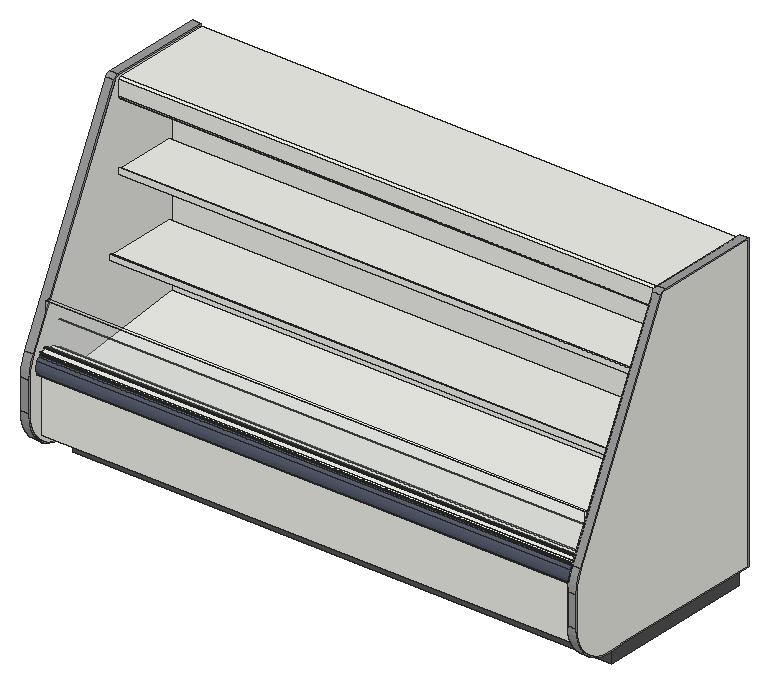
Revit family "C2NX-XLGE_2014", category Specialty Equipment, Revit 2014
Parameters (values of type "8'-0" Length")
  Width = 96 3/8"
  Waste Drain = 1 1/4"  # constant formula
  URL = "www.hussmann.com"
  Type Comments = "Excel"  # constant formula
  Trim = Stainless Steel
  Total Weight = Case Weight + (2 * End Weight)  # 1150.00 lbf
  Top Clearance = 3"  # constant formula
  Splashguard = Textured Sheet Metal (Steel Painted) - 701 Black
  Shelves = Sheet Metal (Steel Painted) - 700 Interior White
  Shelf Lights [instance] = yes
  Revit Family Date = "08/14/2015"  # constant formula
  Refrigeration Lines Suction = 7/8"  # constant formula
  Refrigeration Lines Liquid = 3/8"  # constant formula
  Refrig. Suction = "Suction"
  Refrig. Liquid = "Liquid"
  Number of Supports = if(Width < 50", 2, if(Width < 100", 3, 4))  # 3
  Number of Shelves = 2  # constant formula
  Note from Manufacturer = "This model only comes in 6'-0\", 8'-0\", 12'-0\" Lengths."
  Model URL = "http://www.hussmann.com/en/product%20viewer/display-cases/C2X-X"
  Model = "C2NX-XLGE"  # constant formula
  Manufacturer Disclaimer = "The information in this file is not intended to be an exact representation of the corresponding Hussmann product.  Further, we reserve the right to change or revise specifications and product design in connection with any feature of our products. Such changes do not entitle the buyer to corresponding changes, improvements, additions, or replacements for equipment previously sold or shipped."  # constant formula
  Manufacturer = "Hussmann Corporation"  # constant formula
  Height = 55 3/4"  # constant formula
  Glazing = Glass
  Ends = Textured Sheet Metal (Steel Painted) - 149 White Satin Matte
  End Weight = 75.00 lbf  # constant formula
  Description = "Extra Height, Low Profile Multi-Deck Convertible Merchandiser, Narrow Footprint, Low Front, Glass Front, Energy Efficient Coil"  # constant formula
  Depth = 37"  # constant formula
  Cutsheet URL = "http://www.hussmann.com/en/Technical%20Documents/0486795_J_C2NX-XLGE.pdf"
  Close Off Panel = Textured Sheet Metal (Steel Painted) - 701 Black
  Clearance [instance] = yes
  Case Weight = if(Width = 72 3/8", 800.00 lbf, if(Width = 96 3/8", 1000.00 lbf, if(Width = 144 1/2", 1200.00 lbf, 0.00 lbf)))  # 1000.00 lbf
  Case Interior - Side Panel = Sheet Metal (Steel Painted) - 700 Interior White
  Case Interior - Back Panel = Sheet Metal (Steel Painted) - 700 Interior White
  Case = Textured Sheet Metal (Steel Painted) - 149 White Satin Matte
  Bumper = Extruded PVC - 739 Royal Blue
  Back Clearance = 3"  # constant formula
  Assembly Code = ""
  Accessories/Options = ""
Types (4): name | Width | Total Weight | Number of Supports | Case Weight
  (no name) | 96 3/8" | 1150.00 lbf | 3 | 1000.00 lbf
  12'-0" Length | 144 1/2" | 1350.00 lbf | 4 | 1200.00 lbf
  6'-0" Length | 72 3/8" | 950.00 lbf | 3 | 800.00 lbf
  8'-0" Length | 96 3/8" | 1150.00 lbf | 3 | 1000.00 lbf
Reference planes (in)
  plane 1 "Back": y = 0
  plane 2 "Bottom": z = 0
  plane 3 "Top": z = 55.75
  plane 4 "Left": x = -77.30699
  plane 5 "Front": y = -37
  plane 6 "Center (Left/Right)": x = -29.11949
  plane 7: y = 3
  plane 8: x = -78.80699
  plane 9 "Right": x = 19.06801
  plane 10: x = 20.56801
  plane 11: z = 58.75
Forms (in)
  Extrusion 1, solid, material "Metal - Copper"
    sketch origin (63.0625, 1.04319, 0) x (1, 0, 0) y (0, 1, 0)
      loop
        arc (-56.11949, -27.16819) -> (-56.56143, -27.35125) -> (-56.74449, -27.79319) r 0.625
        arc (-56.74449, -27.79319) -> (-56.56143, -28.23513) -> (-56.11949, -28.41819) r 0.625
        arc (-56.11949, -28.41819) -> (-55.67754, -28.23513) -> (-55.49449, -27.79319) r 0.625
        arc (-55.49449, -27.79319) -> (-55.67754, -27.35125) -> (-56.11949, -27.16819) r 0.625
      loop
        circle (-56.11949, -27.79319) r 0.5852
    from 6.42413 to 0
  Extrusion 2, solid, material "Metal - Copper"
    sketch origin (57.40105, 5, -0.375) x (1, 0, 0) y (0, 1, 0)
      loop
        circle (-46.77054, -26.25) r 0.41359
      loop
        circle (-46.77054, -26.25) r 0.4375
    from 4.26162 to 0.375
  Extrusion 3, solid, material "Metal - Copper"
    sketch origin (59.82608, 5, -0.375) x (1, 0, 0) y (0, 1, 0)
      loop
        circle (-48.57057, -26.25) r 0.17188
      loop
        circle (-48.57057, -26.25) r 0.1875
    from 4.26162 to 0.375
  Extrusion 4, solid, material "Metal - Copper"
    sketch origin (-56.6875, 1.04319, 0) x (1, 0, 0) y (0, 1, 0)
      loop
        arc (-8.49449, -27.16819) -> (-8.93643, -27.35125) -> (-9.11949, -27.79319) r 0.625
        arc (-9.11949, -27.79319) -> (-8.93643, -28.23513) -> (-8.49449, -28.41819) r 0.625
        arc (-8.49449, -28.41819) -> (-8.05254, -28.23513) -> (-7.86949, -27.79319) r 0.625
        arc (-7.86949, -27.79319) -> (-8.05254, -27.35125) -> (-8.49449, -27.16819) r 0.625
      loop
        circle (-8.49449, -27.79319) r 0.5852
    from 6.42413 to 0
  Extrusion 5, solid, material "Textured Sheet Metal (Steel Painted) - 149 White Satin Matte" <- "Case"
    sketch origin (-77.30699, 0, 0) x (0, 1, 0) y (0, 0, 1)
      loop
        line (-6.44416, 53.49799) -> (-6.44416, 15.61398) -> (-20.55754, 13.98212) -> (-20.55754, 11.4717)
        spline (-20.55754, 11.4717) -> (-20.56181, 11.40724) -> (-20.57457, 11.34388) -> (-20.59557, 11.28272) -> (-20.62448, 11.22478) -> (-20.66079, 11.17108) -> (-20.70389, 11.12251) -> (-20.75303, 11.07992) -> (-20.80737, 11.04403) -> (-20.86599, 11.01546) -> (-20.92788, 10.9947) -> (-20.99199, 10.9821) -> (-21.0572, 10.97787)
        line (-21.0572, 10.97787) -> (-23.55696, 10.97787)
        spline (-23.55696, 10.97787) -> (-23.62222, 10.98217) -> (-23.68637, 10.99501) -> (-23.7483, 11.01615) -> (-23.80695, 11.04525) -> (-23.86133, 11.08179) -> (-23.9105, 11.12516) -> (-23.95363, 11.17462) -> (-23.98996, 11.22931) -> (-24.01889, 11.2883) -> (-24.03991, 11.35059) -> (-24.05267, 11.41511) -> (-24.05695, 11.48075)
        line (-24.05695, 11.48075) -> (-24.05695, 13.57752) -> (-33.528, 12.48244) -> (-33.528, 12.9145) -> (-34.528, 12.9145) -> (-34.528, 16.24217) -> (-33.68425, 16.24217) -> (-33.68425, 16.67967) -> (-31.82, 16.67967) -> (-31.82, 18.43138) -> (-33.17641, 19.21451) -> (-33.909, 19.21451) -> (-33.909, 17.43977) -> (-34.509, 17.43977) -> (-34.509, 19.5601)
        arc (-34.509, 19.5601) -> (-34.59344, 19.57182) -> (-34.67832, 19.57981) r 1.93575
        arc (-34.67832, 19.57981) -> (-34.69105, 19.56963) -> (-34.68188, 19.55615) r 0.012
        line (-34.68188, 19.55615) -> (-34.639, 19.54626)
        arc (-34.639, 19.54626) -> (-34.62978, 19.53319) -> (-34.64174, 19.52257) r 0.012
        line (-34.64174, 19.52257) -> (-34.91871, 19.52345)
        arc (-34.91871, 19.52345) -> (-34.9307, 19.51225) -> (-34.92026, 19.49959) r 0.01198
        line (-34.92026, 19.49959) -> (-34.87659, 19.49402)
        arc (-34.87659, 19.49402) -> (-34.86613, 19.48266) -> (-34.87551, 19.4704) r 0.012
        line (-34.87551, 19.4704) -> (-35.82834, 19.25899)
        arc (-35.82834, 19.25899) -> (-35.84204, 19.26613) -> (-35.83735, 19.28085) r 0.012
        line (-35.83735, 19.28085) -> (-35.80014, 19.30437)
        arc (-35.80014, 19.30437) -> (-35.79633, 19.32075) -> (-35.81265, 19.32479) r 0.01198
        arc (-35.81265, 19.32479) -> (-35.91518, 19.25933) -> (-36.01326, 19.18739) r 1.88204
        arc (-36.01326, 19.18739) -> (-36.033, 19.16293) -> (-36.04005, 19.13231) r 0.07
        line (-36.04005, 19.13231) -> (-36.04005, 18.99682)
        arc (-36.04005, 18.99682) -> (-36.01432, 18.9426) -> (-35.95605, 18.92823) r 0.07
        line (-35.95605, 18.92823) -> (-35.95605, 18.82121) -> (-35.64, 18.82121) -> (-35.64, 5.88809) -> (-34.95314, 5.88809)
        arc (-34.95314, 5.88809) -> (-34.91157, 5.91209) -> (-34.91157, 5.96009) r 0.048
        line (-34.91157, 5.96009) -> (-35.0575, 6.21285) -> (-35.08608, 6.19635) -> (-34.94015, 5.94359)
        arc (-34.94015, 5.94359) -> (-34.94015, 5.92859) -> (-34.95314, 5.92109) r 0.015
        line (-34.95314, 5.92109) -> (-35.265, 5.92109) -> (-35.265, 9.36895) -> (-28.66044, 5.867) -> (-6.88924, 5.867) -> (0, 9.5199) -> (0, 55.75) -> (-18.06615, 55.75) -> (-18.43188, 55.38427) -> (-18.43188, 52.64171) -> (-17.85021, 51.94851)
        arc (-17.85021, 51.94851) -> (-17.81763, 51.93154) -> (-17.78259, 51.94259) r 0.048
        line (-17.78259, 51.94259) -> (-17.32188, 52.32917) -> (-17.32188, 52.87299) -> (-16.24687, 52.87299) -> (-16.24687, 53.49799) -> (-6.44416, 53.49799)
    from 0 to 96.375 <- "Width"
  Extrusion 6, solid, material "Sheet Metal (Steel Painted) - 700 Interior White" <- "Shelves"
    sketch origin (-77.30699, 0, 0) x (0, 1, 0) y (0, 0, 1)
      loop
        line (-6.54775, 16.43003) -> (-31.64807, 13.48573) -> (-31.56756, 12.79944) -> (-6.46725, 15.74373) -> (-6.54775, 16.43003)
    from 0 to 96.375 <- "Width"
  Extrusion 7, solid, material "Textured Sheet Metal (Steel Painted) - 701 Black" <- "Splashguard"
    sketch origin (-77.30699, 0, 0) x (0, 1, 0) y (0, 0, 1)
      loop
        line (-28.00007, 0.47056) -> (-28.00007, 5.867) -> (-28.50007, 5.867) -> (-28.50007, 0) -> (-27.81499, 0)
        arc (-27.81499, 0) -> (-27.77169, 0.025) -> (-27.77169, 0.075) r 0.05
        line (-27.77169, 0.075) -> (-28.00007, 0.47056)
    from 0 to 96.375 <- "Width"
  Extrusion 8, solid, material "Extruded PVC - 739 Royal Blue" <- "Bumper"
    sketch origin (-77.30699, 0, 0) x (0, 1, 0) y (0, 0, 1)
      loop
        arc (-35.95605, 18.82121) -> (-36.12515, 18.78935) -> (-36.28727, 18.73166) r 1.10652
        arc (-36.28727, 18.73166) -> (-36.57306, 18.53745) -> (-36.77374, 18.25616) r 0.98053
        arc (-36.77374, 18.25616) -> (-37.00015, 17.24976) -> (-36.77374, 16.24335) r 2.35
        arc (-36.77374, 16.24335) -> (-36.57306, 15.96206) -> (-36.28727, 15.76786) r 0.98053
        line (-36.28727, 15.76786) -> (-36.09351, 15.68084)
        arc (-36.09351, 15.68084) -> (-35.98843, 15.66814) -> (-35.89472, 15.71735) r 0.178
        line (-35.89472, 15.71735) -> (-35.64, 15.97207) -> (-35.64, 18.82121) -> (-35.95605, 18.82121)
    from 0 to 96.375 <- "Width"
  Extrusion 9, solid, material "Textured Sheet Metal (Steel Painted) - 149 White Satin Matte" <- "Ends"
    sketch origin (-77.30699, 0, 0) x (0, 1, 0) y (0, 0, 1)
      loop
        line (-19.23556, 55.52607) -> (-37.18963, 19.54354)
        arc (-37.18963, 19.54354) -> (-37.98219, 17.76344) -> (-38.25337, 15.83384) r 7.0005
        line (-38.25337, 15.83384) -> (-38.25337, 10.44265)
        arc (-38.25337, 10.44265) -> (-36.20297, 5.49255) -> (-31.25287, 3.44215) r 7.0005
        line (-31.25287, 3.44215) -> (-28.25287, 3.44215) -> (-28.25287, 3.57965) -> (-0.02187, 3.57965) -> (-0.02187, 3.62965) -> (0.02813, 3.62965) -> (0.02813, 55.99615) -> (-18.38751, 55.99615)
        arc (-18.38751, 55.99615) -> (-18.87232, 55.87077) -> (-19.23556, 55.52607) r 1
    from -1.5 to 0
  Extrusion 10, solid, material "Textured Sheet Metal (Steel Painted) - 149 White Satin Matte" <- "Ends"
    sketch origin (68.69301, 0, 0) x (0, 1, 0) y (0, 0, 1)
      loop
        line (-19.07442, 55.72289) -> (-37.18963, 19.54354)
        arc (-37.18963, 19.54354) -> (-37.98219, 17.76344) -> (-38.25337, 15.83384) r 7.0005
        line (-38.25337, 15.83384) -> (-38.25337, 10.44265)
        arc (-38.25337, 10.44265) -> (-36.20297, 5.49255) -> (-31.25287, 3.44215) r 7.0005
        line (-31.25287, 3.44215) -> (-28.25287, 3.44215) -> (-28.25287, 3.57965) -> (-0.02187, 3.57965) -> (-0.02187, 3.62965) -> (0.02813, 3.62965) -> (0.02813, 55.99615) -> (-18.38751, 55.99615)
        arc (-18.38751, 55.99615) -> (-18.75714, 55.92533) -> (-19.07442, 55.72289) r 1
    from -49.625 to -48.125
  Extrusion 11, solid, material "Sheet Metal (Steel Painted) - 700 Interior White" <- "Case Interior - Side Panel"
    sketch origin (-77.30699, 0, 0) x (0, 1, 0) y (0, 0, 1)
      loop
        line (-19.23556, 55.52607) -> (-37.18963, 19.54354)
        arc (-37.18963, 19.54354) -> (-37.98219, 17.76344) -> (-38.25337, 15.83384) r 7.0005
        line (-38.25337, 15.83384) -> (-38.25337, 10.44265)
        arc (-38.25337, 10.44265) -> (-36.20297, 5.49255) -> (-31.25287, 3.44215) r 7.0005
        line (-31.25287, 3.44215) -> (-28.25287, 3.44215) -> (-28.25287, 3.57965) -> (-0.02187, 3.57965) -> (-0.02187, 3.62965) -> (0.02813, 3.62965) -> (0.02813, 55.99615) -> (-18.38751, 55.99615)
        arc (-18.38751, 55.99615) -> (-18.87232, 55.87077) -> (-19.23556, 55.52607) r 1
    from 0 to 0.03125
  Extrusion 12, solid, material "Sheet Metal (Steel Painted) - 700 Interior White" <- "Case Interior - Side Panel"
    sketch origin (19.06801, 0, 0) x (0, -1, 0) y (0, 0, 1)
      loop
        arc (19.07442, 55.72289) -> (18.75714, 55.92533) -> (18.38751, 55.99615) r 1
        line (18.38751, 55.99615) -> (-0.02813, 55.99615) -> (-0.02813, 3.62965) -> (0.02187, 3.62965) -> (0.02187, 3.57965) -> (28.25287, 3.57965) -> (28.25287, 3.44215) -> (31.25287, 3.44215)
        arc (31.25287, 3.44215) -> (36.20297, 5.49255) -> (38.25337, 10.44265) r 7.0005
        line (38.25337, 10.44265) -> (38.25337, 15.83384)
        arc (38.25337, 15.83384) -> (37.98219, 17.76344) -> (37.18963, 19.54354) r 7.0005
        line (37.18963, 19.54354) -> (19.07442, 55.72289)
    from 0 to 0.03125
  Extrusion 13, solid, material "Sheet Metal (Steel Painted) - 700 Interior White" <- "Case Interior - Back Panel"
    sketch origin (-77.30699, 0, 0) x (0, 1, 0) y (0, 0, 1)
      loop
        line (-6.44416, 53.40091) -> (-6.47541, 53.40091) -> (-6.47541, 34.99696) -> (-6.47541, 15.74905) -> (-6.44416, 15.74905) -> (-6.44416, 22.78713) -> (-6.44416, 53.40091)
    from 0 to 96.375 <- "Width"
  Extrusion 14, solid, material "Textured Sheet Metal (Steel Painted) - 701 Black" <- "Splashguard"
    sketch origin (0, -37, 0) x (0, 0, 1) y (1, 0, 0)
      loop
        line (0.47056, 18.56801) -> (5.867, 18.56801) -> (5.867, 19.06801) -> (0, 19.06801) -> (0, 18.38294)
        arc (0, 18.38294) -> (0.025, 18.33964) -> (0.075, 18.33964) r 0.05
        line (0.075, 18.33964) -> (0.47056, 18.56801)
    from 8.99993 to 37
  Extrusion 15, solid, material "Textured Sheet Metal (Steel Painted) - 701 Black" <- "Splashguard"
    sketch origin (-118.61397, -37, 0) x (0, 0, 1) y (1, 0, 0)
      loop
        line (0.47056, 41.80699) -> (0.075, 42.03536)
        arc (0.075, 42.03536) -> (0.025, 42.03536) -> (0, 41.99206) r 0.05
        line (0, 41.99206) -> (0, 41.30699) -> (5.867, 41.30699) -> (5.867, 41.80699) -> (0.47056, 41.80699)
    from 8.99993 to 37
  Extrusion 16, solid, material "Stainless Steel" <- "Trim"
    sketch origin (20.56801, 0, 0) x (0, 1, 0) y (0, 0, 1)
      loop
        line (0.02813, 55.99615) -> (-18.38751, 55.99615)
        arc (-18.38751, 55.99615) -> (-18.75714, 55.92533) -> (-19.07442, 55.72289) r 1
        line (-19.07442, 55.72289) -> (-37.18963, 19.54354)
        arc (-37.18963, 19.54354) -> (-37.98219, 17.76344) -> (-38.25337, 15.83384) r 7.0005
        line (-38.25337, 15.83384) -> (-38.25337, 10.44265)
        arc (-38.25337, 10.44265) -> (-36.20297, 5.49255) -> (-31.25287, 3.44215) r 7.0005
        line (-31.25287, 3.44215) -> (-28.25287, 3.44215) -> (-28.25287, 3.57965) -> (-0.02187, 3.57965) -> (-0.02187, 3.62965) -> (0.02813, 3.62965) -> (0.02813, 55.99615)
      loop
        line (-28.12787, 3.31715) -> (-28.12787, 3.45465) -> (0.15313, 3.45465) -> (0.15313, 56.12115) -> (-18.38751, 56.12115)
        arc (-18.38751, 56.12115) -> (-18.93096, 55.98118) -> (-19.33919, 55.59609) r 1.125
        line (-19.33919, 55.59609) -> (-37.29333, 19.61347)
        arc (-37.29333, 19.61347) -> (-38.10174, 17.79999) -> (-38.37837, 15.83384) r 7.1255
        line (-38.37837, 15.83384) -> (-38.37837, 10.44265)
        arc (-38.37837, 10.44265) -> (-36.29136, 5.40416) -> (-31.25287, 3.31715) r 7.1255
        line (-31.25287, 3.31715) -> (-28.12787, 3.31715)
    from 0 to -1.53125
  Extrusion 17, solid, material "Stainless Steel" <- "Trim"
    sketch origin (-78.80699, 0, 0) x (0, -1, 0) y (0, 0, 1)
      loop
        line (18.38751, 55.99615) -> (-0.02813, 55.99615) -> (-0.02813, 3.62965) -> (0.02187, 3.62965) -> (0.02187, 3.57965) -> (28.25287, 3.57965) -> (28.25287, 3.44215) -> (31.25287, 3.44215)
        arc (31.25287, 3.44215) -> (36.20297, 5.49255) -> (38.25337, 10.44265) r 7.0005
        line (38.25337, 10.44265) -> (38.25337, 15.83384)
        arc (38.25337, 15.83384) -> (37.98219, 17.76344) -> (37.18963, 19.54354) r 7.0005
        line (37.18963, 19.54354) -> (19.23556, 55.52607)
        arc (19.23556, 55.52607) -> (18.87232, 55.87077) -> (18.38751, 55.99615) r 1
      loop
        line (-0.15313, 3.45465) -> (28.12787, 3.45465) -> (28.12787, 3.31715) -> (31.25287, 3.31715)
        arc (31.25287, 3.31715) -> (36.29136, 5.40416) -> (38.37837, 10.44265) r 7.1255
        line (38.37837, 10.44265) -> (38.37837, 15.83384)
        arc (38.37837, 15.83384) -> (38.10174, 17.79999) -> (37.29333, 19.61347) r 7.1255
        line (37.29333, 19.61347) -> (19.33919, 55.59609)
        arc (19.33919, 55.59609) -> (18.93096, 55.98118) -> (18.38751, 56.12115) r 1.125
        line (18.38751, 56.12115) -> (-0.15313, 56.12115) -> (-0.15313, 3.45465)
    from 0 to -1.53125
  Extrusion 18, solid, material "Glass" <- "Glazing"
    sketch origin (-77.30699, 0, 0) x (0, 1, 0) y (0, 0, 1)
      loop
        line (-34.509, 17.43977) -> (-33.909, 17.43977) -> (-33.909, 26.8746) -> (-34.509, 26.8746) -> (-34.509, 17.43977)
      loop
        line (-31.82, 16.63226) -> (-31.57, 16.63226) -> (-31.57, 22.88226) -> (-31.82, 22.88226) -> (-31.82, 16.63226)
    from 0 to 96.375 <- "Width"
Cuts and joins
  joined: Extrusion 7, Extrusion 14, Extrusion 15
Lines and regions (in)
  reference lines
    curve 1: line (-74.80699, -37, 0) -> (-74.80699, 0, 0)
    curve 2: line (-65.18199, -37, 0) -> (-65.18199, 0, 0)
    curve 3: line (6.94301, -37, 0) -> (6.94301, 0, 0)
    curve 4: line (16.56801, -37, 0) -> (16.56801, 0, 0)
    curve 5: line (11.06801, -37, 0) -> (11.06801, 0, 0)
    curve 6: line (-77.30699, -26.75, 0) -> (19.06801, -26.75, 0)
    curve 7: line (19.06801, -21.25, 0) -> (-77.30699, -21.25, 0)
  symbolic lines, style "Speciality Equipment-Dashed", visible <- "Clearance"
    curve 8: line (-78.80699, 0.125, 0) -> (-78.80699, 3, 0)
    curve 9: line (-78.80699, 3, 0) -> (20.56801, 3, 0)
    curve 10: line (20.56801, 3, 0) -> (20.56801, -0.05, 0)
Dimensions and locks (in)
  equal spacing: plane 4 "Left", plane 6 "Center (Left/Right)", plane 9 "Right"
  locked: plane 8 to plane 4 "Left" at 1.5
  "Width": plane 4 "Left" to plane 9 "Right"
  locked: plane 4 "Left" to curve 1 at 2.5
  locked: plane 4 "Left" to curve 2 at 12.125
  locked: curve 4 to plane 9 "Right" at 2.5
  locked: curve 3 to plane 9 "Right" at 12.125
  "Depth": plane 5 "Front" to plane 1 "Back"
  "Back Clearance": plane 1 "Back" to plane 7
  locked: curve 5 to plane 9 "Right" at 8
  "Height": plane 3 "Top" to level
  locked: plane 1 "Back" to curve 6 at 26.75
  locked: plane 1 "Back" to curve 7 at 21.25
  locked: plane 9 "Right" to plane 10 at 1.5
  "Top Clearance": plane 11 to plane 3 "Top"
  locked: Extrusion 4 sketch curve to Extrusion 4 sketch curve at 0.0398
  locked: Extrusion 1 sketch curve to Extrusion 1 sketch curve at 0.0398
  locked: Extrusion 3 sketch curve to Extrusion 3 sketch curve at 0.01562
  locked: Extrusion 2 sketch curve to Extrusion 2 sketch curve at 0.02391
  equal spacing: group 1, group 3, group 2  (x3)
  locked: nested 1 to plane 5 "Front" at 11.75
  locked: nested 2 to plane 5 "Front" at 11.75
  locked: Extrusion 11 to Extrusion 11 at 0.03125
  locked: Extrusion 12 to plane 9 "Right" at 0.03125
  locked: Extrusion 7 to Extrusion 14 sketch curve at 0.5
  locked: Extrusion 15 sketch curve to Extrusion 15 sketch curve at 0.5
  nested 4 to level = 41"
  nested 3 to level = 28"
  "Waste Drain": diameter of Extrusion 4 sketch curve
  "Waste Drain": diameter of Extrusion 1 sketch curve
  "Refrigeration Lines Liquid": diameter of Extrusion 3 sketch curve
  "Refrigeration Lines Suction": diameter of Extrusion 2 sketch curve
  aligned and locked: plane 5 "Front" to curve 3
  aligned and locked: plane 5 "Front" to curve 4
  aligned and locked: plane 5 "Front" to curve 2
  aligned and locked: plane 5 "Front" to curve 1
  aligned and locked: plane 4 "Left" to curve 6
  aligned and locked: plane 4 "Left" to curve 7
  aligned and locked: plane 9 "Right" to curve 7
  aligned and locked: plane 9 "Right" to curve 6
  aligned and locked: Extrusion 2 to level
  aligned and locked: Extrusion 3 to level
  aligned and locked: curve 7 to Extrusion 3 sketch curve  (x4)
  aligned and locked: curve 7 to Extrusion 2 sketch curve  (x4)
  aligned and locked: curve 6 to Extrusion 1 sketch curve  (x3)
  aligned and locked: curve 6 to Extrusion 4 sketch curve
  aligned and locked: curve 2 to Extrusion 4 sketch curve
  aligned and locked: curve 3 to Extrusion 1 sketch curve
  aligned and locked: curve 5 to Extrusion 3 sketch curve
  aligned and locked: curve 5 to Extrusion 2 sketch curve
  aligned and locked: curve 1 to nested 1
  aligned and locked: curve 4 to nested 2
  aligned and locked: plane 4 "Left" to Extrusion 9
  aligned and locked: plane 8 to Extrusion 9
  aligned and locked: Extrusion 10 to plane 9 "Right"
  aligned and locked: plane 10 to Extrusion 10
  aligned and locked: Extrusion 5 to nested 3
  aligned and locked: plane 4 "Left" to nested 4
  aligned and locked: plane 4 "Left" to nested 3
  aligned and locked: plane 9 "Right" to Extrusion 14
  aligned and locked: Extrusion 15 to plane 4 "Left"
  aligned and locked: Extrusion 15 to Extrusion 7
  aligned and locked: Extrusion 14 to Extrusion 7
  aligned and locked: plane 4 "Left" to nested 8
  aligned and locked: plane 4 "Left" to nested 7
  aligned and locked: plane 4 "Left" to nested 6
  aligned and locked: plane 4 "Left" to nested 9
  aligned and locked: plane 10 to curve 10
  aligned and locked: curve 8 to plane 8
  aligned and locked: plane 8 to curve 9
  aligned and locked: cut or joined group of Extrusion 7, Extrusion 14, Extrusion 15 to plane 1 "Back"  (x2)
  aligned and locked: Extrusion 16 to Extrusion 12
  aligned and locked: Extrusion 17 to Extrusion 11
  aligned and locked: Extrusion 12 to Extrusion 16
Automatic sketch dimensions
  curve 5 to plane 5 "Front" = 0"
  plane 1 "Back" to curve 3 = 0"
  plane 1 "Back" to curve 2 = 0"
  plane 1 "Back" to curve 1 = 0"
  plane 1 "Back" to curve 4 = 0"
  plane 1 "Back" to curve 5 = 0"
  Extrusion 5 sketch curve to Extrusion 5 sketch curve = 0"  (x4)
  plane 3 "Top" to Extrusion 5 sketch curve = 0"
  Extrusion 5 sketch curve to plane 1 "Back" = 0"
  plane 3 "Top" to Extrusion 5 sketch curve = 2.25201"
  plane 1 "Back" to Extrusion 5 sketch curve = 6.44416"
  plane 1 "Back" to Extrusion 5 sketch curve = 6.88924"
  plane 3 "Top" to Extrusion 5 sketch curve = 3.42083"
  Extrusion 5 sketch curve to Extrusion 5 sketch curve = 10.87772"
  plane 3 "Top" to Extrusion 5 sketch curve = 3.80741"
  Extrusion 5 sketch curve to Extrusion 5 sketch curve = 0.46071"
  Extrusion 5 sketch curve to Extrusion 5 sketch curve = 0.03085"
  plane 3 "Top" to Extrusion 5 sketch curve = 3.80149"
  Extrusion 5 sketch curve to Extrusion 5 sketch curve = 0.03677"
  Extrusion 5 sketch curve to Extrusion 5 sketch curve = 1.81928"
  plane 3 "Top" to Extrusion 5 sketch curve = 3.10829"
  Extrusion 5 sketch curve to Extrusion 5 sketch curve = 0.58167"
  Extrusion 5 sketch curve to Extrusion 5 sketch curve = 0.02858"  (x2)
  Extrusion 5 sketch curve to Extrusion 5 sketch curve = 0.01299"
  Extrusion 5 sketch curve to Extrusion 5 sketch curve = 0.14593"
  Extrusion 5 sketch curve to Extrusion 5 sketch curve = 0.31186"
  level to Extrusion 5 sketch curve = 15.61398"
  Extrusion 5 sketch curve to Extrusion 5 sketch curve = 0.43206"
  Extrusion 5 sketch curve to Extrusion 5 sketch curve = 6.09408"
  Extrusion 5 sketch curve to Extrusion 5 sketch curve = 3.11349"
  Extrusion 5 sketch curve to Extrusion 5 sketch curve = 3.1561"
  Extrusion 5 sketch curve to Extrusion 5 sketch curve = 0.0165"
  Extrusion 5 sketch curve to Extrusion 5 sketch curve = 0.0075"
  plane 3 "Top" to Extrusion 5 sketch curve = 0.36573"
  Extrusion 7 sketch curve to level = 0"
  plane 5 "Front" to Extrusion 7 sketch curve = 8.49993"
  Extrusion 7 sketch curve to Extrusion 7 sketch curve = 1/2"
  level to Extrusion 7 sketch curve = 0.05"
  Extrusion 7 sketch curve to Extrusion 7 sketch curve = 0.18507"
  level to Extrusion 7 sketch curve = 0.075"
  Extrusion 7 sketch curve to Extrusion 7 sketch curve = 0.39556"
  Extrusion 7 sketch curve to Extrusion 7 sketch curve = 5.39644"
  plane 5 "Front" to Extrusion 8 sketch curve = 0.71273"
  Extrusion 8 sketch curve to Extrusion 8 sketch curve = 0.19377"
  Extrusion 8 sketch curve to Extrusion 8 sketch curve = 0.07292"
  plane 5 "Front" to Extrusion 8 sketch curve = 1.04395"
  Extrusion 8 sketch curve to Extrusion 8 sketch curve = 0.12587"
  Extrusion 8 sketch curve to Extrusion 8 sketch curve = 0.06837"
  Extrusion 8 sketch curve to Extrusion 8 sketch curve = 0.1329"
  Extrusion 8 sketch curve to Extrusion 8 sketch curve = 0.05134"
  Extrusion 8 sketch curve to Extrusion 8 sketch curve = 0.31605"
  Extrusion 8 sketch curve to Extrusion 8 sketch curve = 1.18619"
  level to Extrusion 8 sketch curve = 15.68084"
  Extrusion 8 sketch curve to Extrusion 8 sketch curve = 0.03651"
  Extrusion 8 sketch curve to Extrusion 8 sketch curve = 0.08702"
  Extrusion 8 sketch curve to Extrusion 8 sketch curve = 0.25472"
  Extrusion 8 sketch curve to Extrusion 8 sketch curve = 0.6912"
  Extrusion 8 sketch curve to Extrusion 8 sketch curve = 0.58649"
  Extrusion 8 sketch curve to Extrusion 8 sketch curve = 1.05792"
  Extrusion 8 sketch curve to Extrusion 8 sketch curve = 0.11505"
  Extrusion 8 sketch curve to Extrusion 8 sketch curve = 0.98497"
  Extrusion 8 sketch curve to Extrusion 8 sketch curve = 0"  (x2)
  plane 1 "Back" to Extrusion 13 sketch curve = 6.47541"
  plane 1 "Back" to Extrusion 13 sketch curve = 6.44416"
  level to Extrusion 13 sketch curve = 15.74905"
  Extrusion 13 sketch curve to Extrusion 13 sketch curve = 7.03808"
  Extrusion 13 sketch curve to Extrusion 13 sketch curve = 12.20982"
  plane 3 "Top" to Extrusion 13 sketch curve = 2.34909"
  Extrusion 14 sketch curve to level = 0"
  Extrusion 14 sketch curve to plane 9 "Right" = 0"
  level to Extrusion 14 sketch curve = 0.05"
  Extrusion 14 sketch curve to Extrusion 14 sketch curve = 0.025"
  Extrusion 14 sketch curve to Extrusion 14 sketch curve = 0.39556"
  Extrusion 14 sketch curve to Extrusion 14 sketch curve = 5.39644"
  Extrusion 14 sketch curve to Extrusion 14 sketch curve = 0.18507"
  Extrusion 15 sketch curve to level = 0"
  Extrusion 15 sketch curve to plane 4 "Left" = 0"
  Extrusion 15 sketch curve to level = 0.05"
  Extrusion 15 sketch curve to Extrusion 15 sketch curve = 0.025"
  Extrusion 15 sketch curve to Extrusion 15 sketch curve = 0.39556"
  Extrusion 15 sketch curve to Extrusion 15 sketch curve = 5.39644"
  Extrusion 15 sketch curve to Extrusion 15 sketch curve = 0.18507"
  curve 8 to plane 7 = 0"
  curve 8 to plane 1 "Back" = 1/8"
  plane 1 "Back" to curve 10 = 0.05"
  Extrusion 5 sketch curve to Extrusion 5 sketch curve = 0.54382"
  Extrusion 5 sketch curve to Extrusion 5 sketch curve = 9.47105"
  Extrusion 5 sketch curve to Extrusion 5 sketch curve = 6.25113"
  Extrusion 5 sketch curve to Extrusion 5 sketch curve = 0.36573"
  level to Extrusion 5 sketch curve = 5.867"
  Extrusion 5 sketch curve to Extrusion 5 sketch curve = 0.66302"
  Extrusion 5 sketch curve to Extrusion 5 sketch curve = 2.50137"
  Extrusion 5 sketch curve to Extrusion 5 sketch curve = 1/2"
  Extrusion 5 sketch curve to Extrusion 5 sketch curve = 0.50287"
  Extrusion 5 sketch curve to Extrusion 5 sketch curve = 0.4046"
  Extrusion 5 sketch curve to Extrusion 5 sketch curve = 2.49976"
  Extrusion 5 sketch curve to Extrusion 5 sketch curve = 0.49967"
  Extrusion 5 sketch curve to Extrusion 5 sketch curve = 0.49382"
  plane 5 "Front" to Extrusion 6 sketch curve = 5.35193"
  Extrusion 6 sketch curve to Extrusion 6 sketch curve = 0.0805"
  plane 1 "Back" to Extrusion 6 sketch curve = 6.54775"
  level to Extrusion 6 sketch curve = 12.79944"
  Extrusion 6 sketch curve to Extrusion 6 sketch curve = 0.68629"
  Extrusion 10 sketch curve to plane 5 "Front" = 1.25337"
  Extrusion 10 sketch curve to plane 5 "Front" = 0.18963"
  plane 5 "Front" to Extrusion 10 sketch curve = 5.74713"  (x2)
  Extrusion 10 sketch curve to Extrusion 10 sketch curve = 3"
  plane 3 "Top" to Extrusion 10 sketch curve = 0.02711"
  plane 5 "Front" to Extrusion 10 sketch curve = 17.92558"
  Extrusion 10 sketch curve to Extrusion 10 sketch curve = 0.68691"
  plane 1 "Back" to Extrusion 10 sketch curve = 0.02187"
  Extrusion 10 sketch curve to plane 1 "Back" = 0.02813"
  plane 3 "Top" to Extrusion 10 sketch curve = 0.75385"
  level to Extrusion 10 sketch curve = 19.54354"
  Extrusion 10 sketch curve to Extrusion 10 sketch curve = 5.39119"
  level to Extrusion 10 sketch curve = 3.62965"
  Extrusion 10 sketch curve to Extrusion 10 sketch curve = 0.05"
  Extrusion 12 sketch curve to Extrusion 10 = 0"  (x5)
  Extrusion 10 to Extrusion 12 sketch curve = 0"  (x3)
  Extrusion 12 sketch curve to Extrusion 10 = 3"
  Extrusion 11 sketch curve to Extrusion 11 sketch curve = 0.84805"
  Extrusion 11 sketch curve to Extrusion 11 sketch curve = 5.39119"
  Extrusion 9 sketch curve to plane 5 "Front" = 1.25337"
  Extrusion 9 sketch curve to plane 5 "Front" = 0.18963"
  plane 5 "Front" to Extrusion 9 sketch curve = 5.74713"  (x2)
  Extrusion 9 sketch curve to Extrusion 9 sketch curve = 3"
  plane 3 "Top" to Extrusion 9 sketch curve = 0.22393"
  plane 5 "Front" to Extrusion 9 sketch curve = 17.76444"
  Extrusion 9 sketch curve to Extrusion 9 sketch curve = 0.84805"
  plane 1 "Back" to Extrusion 9 sketch curve = 0.02187"
  Extrusion 9 sketch curve to plane 1 "Back" = 0.02813"
  plane 3 "Top" to Extrusion 9 sketch curve = 0.75385"
  level to Extrusion 9 sketch curve = 19.54354"
  Extrusion 9 sketch curve to Extrusion 9 sketch curve = 5.39119"
  level to Extrusion 9 sketch curve = 3.62965"
  Extrusion 9 sketch curve to Extrusion 9 sketch curve = 0.05"
  Extrusion 9 to Extrusion 11 sketch curve = 0"  (x2)
  Extrusion 11 sketch curve to Extrusion 9 = 0"  (x5)
  Extrusion 16 sketch curve to Extrusion 16 sketch curve = 0"  (x4)
  Extrusion 10 to Extrusion 16 sketch curve = 0"  (x3)
  Extrusion 16 sketch curve to Extrusion 10 = 0"  (x4)
  Extrusion 16 sketch curve to Extrusion 16 sketch curve = 0.10369"
  Extrusion 10 to Extrusion 16 sketch curve = 1/8"  (x2)
  Extrusion 16 sketch curve to Extrusion 10 = 0.40006"
  Extrusion 16 sketch curve to Extrusion 16 sketch curve = 0.0125"
  Extrusion 17 sketch curve to Extrusion 9 = 0"  (x5)
  Extrusion 9 to Extrusion 17 sketch curve = 0"  (x2)
  Extrusion 17 sketch curve to Extrusion 9 = 3"
  Extrusion 17 sketch curve to Extrusion 9 = 1.06374"
  Extrusion 17 sketch curve to Extrusion 17 sketch curve = 0"  (x2)
  Extrusion 9 to Extrusion 17 sketch curve = 1/8"  (x2)
  Extrusion 17 sketch curve to Extrusion 9 = 0.40006"
  Extrusion 17 sketch curve to Extrusion 17 sketch curve = 0.10369"
  Extrusion 17 sketch curve to Extrusion 17 sketch curve = 0.0125"
  Extrusion 5 sketch curve to Extrusion 5 sketch curve = 3/8"
  Extrusion 5 sketch curve to Extrusion 5 sketch curve = 1"
  Extrusion 5 sketch curve to Extrusion 5 sketch curve = 3.32767"
  Extrusion 5 sketch curve to Extrusion 5 sketch curve = 2.57904"
  Extrusion 5 sketch curve to Extrusion 5 sketch curve = 27/32"
  Extrusion 5 sketch curve to Extrusion 5 sketch curve = 7/16"
  Extrusion 5 sketch curve to Extrusion 5 sketch curve = 1.86425"
  Extrusion 5 sketch curve to Extrusion 5 sketch curve = 1.35641"
  Extrusion 5 sketch curve to Extrusion 5 sketch curve = 1.75171"
  Extrusion 5 sketch curve to Extrusion 5 sketch curve = 0.73259"
  Extrusion 5 sketch curve to Extrusion 5 sketch curve = 0.7601"
  Extrusion 5 sketch curve to Extrusion 5 sketch curve = 0.78312"
  Extrusion 5 sketch curve to Extrusion 5 sketch curve = 0.30833"
  Extrusion 5 sketch curve to Extrusion 5 sketch curve = 0.20929"
  Extrusion 5 sketch curve to Extrusion 5 sketch curve = 0.16932"
  Extrusion 5 sketch curve to Extrusion 5 sketch curve = 0.00086"
  Extrusion 5 sketch curve to Extrusion 5 sketch curve = 0.0027"  (x2)
  Extrusion 5 sketch curve to Extrusion 5 sketch curve = 0.04287"
  Extrusion 5 sketch curve to Extrusion 5 sketch curve = 0.00989"
  Extrusion 5 sketch curve to Extrusion 5 sketch curve = 0.01169"
  Extrusion 5 sketch curve to Extrusion 5 sketch curve = 0.00004"  (x2)
  Extrusion 5 sketch curve to Extrusion 5 sketch curve = 0.23683"
  Extrusion 5 sketch curve to Extrusion 5 sketch curve = 0.0327"
  Extrusion 5 sketch curve to Extrusion 5 sketch curve = 0.01198"
  Extrusion 5 sketch curve to Extrusion 5 sketch curve = 0.00152"  (x2)
  Extrusion 5 sketch curve to Extrusion 5 sketch curve = 0.04367"
  Extrusion 5 sketch curve to Extrusion 5 sketch curve = 0.00557"
  Extrusion 5 sketch curve to Extrusion 5 sketch curve = 0.0119"
  Extrusion 5 sketch curve to Extrusion 5 sketch curve = 0.0026"  (x2)
  Extrusion 5 sketch curve to Extrusion 5 sketch curve = 0.18834"
  Extrusion 5 sketch curve to Extrusion 5 sketch curve = 0.43778"
  Extrusion 5 sketch curve to Extrusion 5 sketch curve = 3/256"
  Extrusion 5 sketch curve to Extrusion 5 sketch curve = 0.00641"
  Extrusion 5 sketch curve to Extrusion 5 sketch curve = 0.03721"
  Extrusion 5 sketch curve to Extrusion 5 sketch curve = 0.02352"
  Extrusion 5 sketch curve to Extrusion 5 sketch curve = 0.0064"
  Extrusion 5 sketch curve to Extrusion 5 sketch curve = 0.00612"
  plane 5 "Front" to Extrusion 5 sketch curve = 2.05985"
  level to Extrusion 5 sketch curve = 5.88809"
  Extrusion 5 sketch curve to Extrusion 5 sketch curve = 0.01012"
  Extrusion 5 sketch curve to Extrusion 5 sketch curve = 0.0343"
  Extrusion 5 sketch curve to Extrusion 5 sketch curve = 0.18491"
  Extrusion 5 sketch curve to Extrusion 5 sketch curve = 0.04321"
  Extrusion 5 sketch curve to Extrusion 5 sketch curve = 0.02679"
  Extrusion 5 sketch curve to Extrusion 5 sketch curve = 0.13549"
  Extrusion 5 sketch curve to Extrusion 5 sketch curve = 0.07"
  Extrusion 5 sketch curve to Extrusion 5 sketch curve = 0.014"
  Extrusion 5 sketch curve to Extrusion 5 sketch curve = 0.10702"
  Extrusion 5 sketch curve to Extrusion 5 sketch curve = 0.16603"
  Extrusion 5 sketch curve to Extrusion 5 sketch curve = 0.6"
  plane 5 "Front" to Extrusion 18 sketch curve = 2.491"
  level to Extrusion 18 sketch curve = 26.8746"
  Extrusion 18 sketch curve to Extrusion 18 sketch curve = 0.6"
  Extrusion 18 sketch curve to Extrusion 18 sketch curve = 9.43483"
  Extrusion 18 sketch curve to Extrusion 18 sketch curve = 2.339"
  Extrusion 18 sketch curve to Extrusion 18 sketch curve = 0.80751"
  Extrusion 18 sketch curve to Extrusion 18 sketch curve = 3.99233"
  Extrusion 18 sketch curve to Extrusion 18 sketch curve = 1/4"
  Extrusion 1 sketch curve to Extrusion 1 sketch curve = 0"  (x2)
  Extrusion 2 sketch curve to Extrusion 2 sketch curve = 0"
  Extrusion 3 sketch curve to Extrusion 3 sketch curve = 0"
  Extrusion 4 sketch curve to Extrusion 4 sketch curve = 0"  (x3)
  radius of Extrusion 12 sketch curve to Extrusion 10 = 0"  (x2)
  radius of Extrusion 11 sketch curve to Extrusion 9 = 0"  (x2)
  radius of Extrusion 16 sketch curve to Extrusion 10 = 0"  (x2)
  radius of Extrusion 10 to Extrusion 16 sketch curve = 1/8"  (x2)
  radius of Extrusion 17 sketch curve to Extrusion 9 = 0"  (x2)
  radius of Extrusion 9 to Extrusion 17 sketch curve = 1/8"  (x2)
Nested families (in)
  nested 1: "Floor Support" at (-74.1875, -4.75, 0), type "Floor Support"
  nested 2: "Floor Support" at (17.1875, -4.75, 0), type "Floor Support"
  nested 3: "Shelf" at (0, -6.44416, 23.25), type "Shelf 14""
    with Width 96 3/8", Depth 14"
  nested 4: "Shelf" at (0, -6.44416, 36.25), type "Shelf 12""
    with Width 96 3/8", Depth 12"
  nested 5: "Floor Support" at (-28.5, -4.75, 0), type "Floor Support"
  nested 6: "Light" at (-29.11949, -5.74138, 0.99799), type "Light"
    with Length 96 3/8"
  nested 7: "Light" at (-29.11949, -8.83615, -11.75), visible <- "Shelf Lights", type "Light"
    with Length 96 3/8"
  nested 8: "Light" at (-29.11949, -24.10461, -35.82033), type "Light"
    with Length 96 3/8"
  nested 9: "Light" at (-29.11949, -10.83615, -24.75), visible <- "Shelf Lights", type "Light"
    with Length 96 3/8"
Connectors (in)
  piping at (6.94301, -26.75, 0), diameter 1.25, driven by "Waste Drain"
    settings: on Extrusion 1, index 8, connector inside diameter 1 1/4", connector length 0", flow factor 0, pipe flow 0 GPM, pressure drop 0.00 psi, fitting loss kfactor 0, connector angle 0.00°, fixture units 0, engagement length 0", angle of deflection 0.00°, flow configuration 0, flow direction 0, fitting loss method 0, system type 16, joint type 0, gender type 0, connector reference index -1, connector utility 0, adjustable connector no, is connector primary yes, connector description "1 1/4\""
  piping at (10.63051, -21.25, 0), diameter 0.875, driven by "Refrig. Suction", driven by "Refrigeration Lines Suction"
    settings: on Extrusion 2, index 9, connector inside diameter 7/8", connector length 0", flow factor 0, pipe flow 0 GPM, pressure drop 0.00 psi, fitting loss kfactor 0, connector angle 0.00°, fixture units 0, engagement length 0", angle of deflection 0.00°, flow configuration 0, flow direction 2, fitting loss method 0, system type 22, joint type 0, gender type 0, connector reference index -1, connector utility 0, adjustable connector no, is connector primary no, connector description "Suction"
  piping at (11.25551, -21.25, 0), diameter 0.375, driven by "Refrig. Liquid", driven by "Refrigeration Lines Liquid"
    settings: on Extrusion 3, index 10, connector inside diameter 3/8", connector length 0", flow factor 0, pipe flow 0 GPM, pressure drop 0.00 psi, fitting loss kfactor 0, connector angle 0.00°, fixture units 0, engagement length 0", angle of deflection 0.00°, flow configuration 0, flow direction 1, fitting loss method 0, system type 22, joint type 0, gender type 0, connector reference index -1, connector utility 0, adjustable connector no, is connector primary no, connector description "Liquid"
  piping at (-65.18199, -26.75, 0), diameter 1.25, driven by "Waste Drain"
    settings: on Extrusion 4, index 11, connector inside diameter 1 1/4", connector length 0", flow factor 0, pipe flow 0 GPM, pressure drop 0.00 psi, fitting loss kfactor 0, connector angle 0.00°, fixture units 0, engagement length 0", angle of deflection 0.00°, flow configuration 0, flow direction 0, fitting loss method 0, system type 16, joint type 0, gender type 0, connector reference index -1, connector utility 0, adjustable connector no, is connector primary no, connector description ""
Definition of nested family "Floor Support"
  Parameters (values of type "Floor Support")
    Width = 3 1/4"
    URL = "www.hussmann.com"
    Type Comments = ""
    Revit Family Date = "06/25/2015"
    Model = ""
    Manufacturer = "Hussmann Corporation"
    Height = 5.919"
    Floor Support = none
    Description = ""
    Depth = 25 1/2"
    Assembly Code = ""
    Accessories/Options = ""
  Reference planes (in)
    plane 1 "Back": y = 0
    plane 2 "Bottom": z = 0
    plane 3 "Top": z = 5.919
    plane 4 "Left": x = -2.24449
    plane 5 "Right": x = 1.00551
    plane 6 "Front": y = -25.5
    plane 7 "Center (Left/Right)": x = -0.61949
  Forms (in)
    Extrusion 1, solid, material <- "Floor Support"
      sketch origin (-0.61949, 0, 0) x (0, 1, 0) y (0, 0, 1)
        loop
          line (-2.694, 1.288) -> (-2.069, 1.288) -> (-2.069, 0) -> (0.002, 0) -> (0.002, 2.77263) -> (0.431, 2.77263) -> (0.431, 2.84363) -> (-0.069, 2.84363) -> (-0.069, 0.071) -> (-1.998, 0.071) -> (-1.998, 1.359) -> (-2.694, 1.359) -> (-2.694, 1.288)
      from 1.625 to -1.625
    Extrusion 2, solid, material <- "Floor Support"
      sketch origin (-0.61949, 0, 0) x (0, 1, 0) y (0, 0, 1)
        loop
          line (-0.069, 1.359) -> (-0.069, 5.919) -> (-3.515, 5.919) -> (-3.515, 1.462) -> (-2.641, 1.462) -> (-2.641, 0.916) -> (-2.584, 0.916) -> (-2.584, 1.359) -> (-0.069, 1.359)
      from 1.625 to -1.625
    Extrusion 3, solid, material <- "Floor Support"
      sketch origin (0, -5, 0) x (1, 0, 0) y (0, 1, 0)
        loop
          circle (-0.61949, -19.594) r 0.7875
      from 0.374 to 0
    Extrusion 4, solid, material <- "Floor Support"
      sketch origin (0, 0, 0) x (1, 0, 0) y (0, 1, 0)
        loop
          line (-0.97401, -24.23948) -> (-0.97401, -24.94852) -> (-0.26497, -24.94852) -> (-0.26497, -24.23948) -> (-0.97401, -24.23948)
      from 1.078 to 0.374
    Extrusion 5, solid, material <- "Floor Support"
      sketch origin (-0.61949, 0, 0) x (0, 1, 0) y (0, 0, 1)
        loop
          line (-21.985, 1.462) -> (-21.985, 5.919) -> (-25.5, 5.919) -> (-25.5, 1.359) -> (-22.985, 1.359) -> (-22.985, 0.916) -> (-22.928, 0.916) -> (-22.928, 1.462) -> (-21.985, 1.462)
      from 1.625 to -1.625
    Extrusion 6, solid, material <- "Floor Support"
      sketch origin (0, 0, 0) x (1, 0, 0) y (0, 1, 0)
        loop
          line (1.50551, -20.75) -> (-2.74449, -20.75) -> (-2.74449, -21.25) -> (-2.49449, -21.25)
          arc (-2.49449, -21.25) -> (-2.31771, -21.32322) -> (-2.24449, -21.5) r 0.25
          line (-2.24449, -21.5) -> (-2.24449, -21.985) -> (1.00551, -21.985) -> (1.00551, -21.5)
          arc (1.00551, -21.5) -> (1.07874, -21.32322) -> (1.25551, -21.25) r 0.25
          line (1.25551, -21.25) -> (1.50551, -21.25) -> (1.50551, -20.75)
      from 5.919 to 1.462
    Extrusion 7, solid, material <- "Floor Support"
      sketch origin (0, -20.5, 0) x (1, 0, 0) y (0, 1, 0)
        loop
          line (1.50551, 15.75) -> (1.50551, 16.25) -> (1.25551, 16.25)
          arc (1.25551, 16.25) -> (1.07874, 16.32322) -> (1.00551, 16.5) r 0.25
          line (1.00551, 16.5) -> (1.00551, 16.985) -> (-2.24449, 16.985) -> (-2.24449, 16.5)
          arc (-2.24449, 16.5) -> (-2.31771, 16.32322) -> (-2.49449, 16.25) r 0.25
          line (-2.49449, 16.25) -> (-2.74449, 16.25) -> (-2.74449, 15.75) -> (1.50551, 15.75)
      from 5.919 to 1.462
    Extrusion 8, solid, material <- "Floor Support"
      sketch origin (-0.61949, 0, 0) x (0, 1, 0) y (0, 0, 1)
        loop
          line (-20.75, 2.206) -> (-4.75, 2.206) -> (-4.75, 3.456) -> (-20.75, 3.456) -> (-20.75, 2.206)
      from 1.625 to -1.625
    Extrusion 9, solid, material <- "Floor Support"
      sketch origin (-0.61949, 0, 2.781) x (0, 1, 0) y (0, 0, 1)
        loop
          line (-20.75, 2.206) -> (-4.75, 2.206) -> (-4.75, 3.138) -> (-20.75, 3.138) -> (-20.75, 2.206)
      from 1.625 to -1.625
    Extrusion 10, solid, material <- "Floor Support"
      sketch origin (-0.61949, 0, 0) x (0, 1, 0) y (0, 0, 1)
        loop
          line (-23.049, 1.078) -> (-23.049, 1.359) -> (-25.5, 1.359) -> (-25.5, 1.078) -> (-23.049, 1.078)
      from 1.31925 to -1.31925
  Dimensions and locks (in)
    equal spacing: plane 4 "Left", plane 7 "Center (Left/Right)", plane 5 "Right"
    "Width": plane 4 "Left" to plane 5 "Right"
    "Depth": plane 6 "Front" to plane 1 "Back"
    "Height": plane 3 "Top" to level
    locked: Extrusion 3 sketch curve to plane 6 "Front" at 0.1185
    aligned and locked: Extrusion 1 to plane 4 "Left"
    aligned and locked: plane 5 "Right" to Extrusion 1
    aligned and locked: Extrusion 2 to plane 4 "Left"
    aligned and locked: plane 5 "Right" to Extrusion 2
    aligned and locked: Extrusion 3 to level
    aligned and locked: Extrusion 5 to plane 4 "Left"
  Automatic sketch dimensions
    Extrusion 1 sketch curve to level = 0"
    level to Extrusion 1 sketch curve = 1.288"
    plane 1 "Back" to Extrusion 1 sketch curve = 2.694"
    Extrusion 1 sketch curve to Extrusion 1 sketch curve = 5/8"
    Extrusion 1 sketch curve to Extrusion 1 sketch curve = 0.071"  (x3)
    plane 1 "Back" to Extrusion 1 sketch curve = 0.069"
    Extrusion 1 sketch curve to plane 1 "Back" = 0.002"
    Extrusion 1 sketch curve to Extrusion 1 sketch curve = 0.429"
    level to Extrusion 1 sketch curve = 0.071"
    Extrusion 1 sketch curve to Extrusion 1 sketch curve = 1.41363"
    plane 1 "Back" to Extrusion 2 sketch curve = 3.515"
    Extrusion 2 sketch curve to Extrusion 2 sketch curve = 0.874"
    Extrusion 2 sketch curve to Extrusion 2 sketch curve = 0.057"
    plane 1 "Back" to Extrusion 2 sketch curve = 0.069"
    level to Extrusion 2 sketch curve = 0.916"
    Extrusion 2 sketch curve to Extrusion 2 sketch curve = 0.443"
    Extrusion 2 sketch curve to Extrusion 2 sketch curve = 0.103"
    Extrusion 2 sketch curve to Extrusion 2 sketch curve = 4.56"
    Extrusion 4 sketch curve to plane 7 "Center (Left/Right)" = 0.35452"
    plane 7 "Center (Left/Right)" to Extrusion 4 sketch curve = 0.35452"
    plane 6 "Front" to Extrusion 4 sketch curve = 0.55148"
    Extrusion 4 sketch curve to Extrusion 4 sketch curve = 0.70904"
    Extrusion 5 sketch curve to plane 6 "Front" = 0"
    level to Extrusion 5 sketch curve = 0.916"
    plane 6 "Front" to Extrusion 5 sketch curve = 2.515"
    Extrusion 5 sketch curve to Extrusion 5 sketch curve = 0.057"
    plane 6 "Front" to Extrusion 5 sketch curve = 3.515"
    Extrusion 5 sketch curve to Extrusion 5 sketch curve = 0.443"
    Extrusion 5 sketch curve to Extrusion 5 sketch curve = 0.103"
    Extrusion 5 sketch curve to Extrusion 5 sketch curve = 4.457"
    Extrusion 6 sketch curve to plane 4 "Left" = 0"
    Extrusion 6 sketch curve to plane 5 "Right" = 0"
    Extrusion 6 sketch curve to Extrusion 6 sketch curve = 1/4"  (x3)
    plane 5 "Right" to Extrusion 6 sketch curve = 1/2"
    plane 6 "Front" to Extrusion 6 sketch curve = 3.515"
    Extrusion 6 sketch curve to Extrusion 6 sketch curve = 0.485"  (x2)
    Extrusion 6 sketch curve to Extrusion 6 sketch curve = 1/2"
    Extrusion 7 sketch curve to plane 4 "Left" = 0"
    Extrusion 7 sketch curve to plane 5 "Right" = 0"
    plane 4 "Left" to Extrusion 7 sketch curve = 1/4"
    Extrusion 7 sketch curve to Extrusion 7 sketch curve = 1/4"  (x2)
    Extrusion 7 sketch curve to plane 5 "Right" = 1/2"
    Extrusion 7 sketch curve to plane 1 "Back" = 3.515"
    Extrusion 7 sketch curve to Extrusion 7 sketch curve = 0.485"  (x2)
    Extrusion 7 sketch curve to Extrusion 7 sketch curve = 1/2"
    plane 6 "Front" to Extrusion 8 sketch curve = 4 3/4"
    plane 1 "Back" to Extrusion 8 sketch curve = 4 3/4"
    level to Extrusion 8 sketch curve = 2.206"
    Extrusion 8 sketch curve to Extrusion 8 sketch curve = 1 1/4"
    plane 6 "Front" to Extrusion 9 sketch curve = 4 3/4"
    plane 1 "Back" to Extrusion 9 sketch curve = 4 3/4"
    level to Extrusion 9 sketch curve = 4.987"
    Extrusion 9 sketch curve to Extrusion 9 sketch curve = 0.932"
    Extrusion 10 sketch curve to plane 6 "Front" = 0"
    Extrusion 10 sketch curve to Extrusion 10 sketch curve = 2.451"
    level to Extrusion 10 sketch curve = 1.078"
    Extrusion 10 sketch curve to Extrusion 10 sketch curve = 0.281"
    Extrusion 3 sketch curve to plane 7 "Center (Left/Right)" = 0"
    plane 6 "Front" to Extrusion 3 sketch curve = 0.906"
Definition of nested family "Shelf"
  Parameters (values of type "Shelf")
    Width = 24"
    URL = "www.hussmann.com"
    Type Comments = "Shelf"
    Shelves = Sheet Metal (Steel Painted) - 700 Interior White
    Model = ""
    Manufacturer = "Hussmann Corporation"
    Height = 5"
    Description = ""
    Depth = 20"
    Assembly Code = ""
    Accessories/Options = ""
  Reference planes (in)
    plane 1 "Back": y = 0
    plane 2 "Bottom": z = 0
    plane 3 "Left": x = -77.30699
    plane 4 "Right": x = -53.30699
    plane 5 "Front": y = -20
    plane 6 "Center (Left/Right)": x = -65.30699
    plane 7: z = 5
  Forms (in)
    Extrusion 1, solid, material "Sheet Metal (Steel Painted) - 700 Interior White" <- "Shelves"
      sketch origin (-77.30699, 7.75, -64.26162) x (0, 1, 0) y (0, 0, 1)
        loop
          line (-7.75, 64.26162) -> (-7.75, 68.01162) -> (-8.5, 68.01162) -> (-8.5, 69.01162) -> (-27.5, 69.01162) -> (-27.5, 69.26162) -> (-27.75, 69.26162) -> (-27.75, 68.26162) -> (-27.5, 68.26162) -> (-27.5, 68.76162) -> (-26, 68.76162) -> (-26, 68.51162) -> (-13.81963, 68.51162) -> (-7.75, 64.26162)
      from 0 to 24
  Dimensions and locks (in)
    "Width": plane 4 "Right" to plane 3 "Left"
    equal spacing: plane 4 "Right", plane 6 "Center (Left/Right)", plane 3 "Left"
    "Depth": plane 1 "Back" to plane 5 "Front"
    "Height": level to plane 7
    aligned and locked: Extrusion 1 to plane 3 "Left"
    aligned and locked: plane 4 "Right" to Extrusion 1
  Automatic sketch dimensions
    Extrusion 1 sketch curve to plane 5 "Front" = 0"
    Extrusion 1 sketch curve to plane 1 "Back" = 0"
    plane 5 "Front" to Extrusion 1 sketch curve = 1/4"  (x2)
    Extrusion 1 sketch curve to Extrusion 1 sketch curve = 1 1/2"
    plane 1 "Back" to Extrusion 1 sketch curve = 6.06963"
    plane 1 "Back" to Extrusion 1 sketch curve = 3/4"
    Extrusion 1 sketch curve to Extrusion 1 sketch curve = 3 3/4"
    Extrusion 1 sketch curve to Extrusion 1 sketch curve = 1/2"  (x2)
    Extrusion 1 sketch curve to Extrusion 1 sketch curve = 1"
    Extrusion 1 sketch curve to Extrusion 1 sketch curve = 1/4"
    Extrusion 1 sketch curve to Extrusion 1 sketch curve = 3/4"
    Extrusion 1 sketch curve to level = 0"
Definition of nested family "Light"
  Parameters (values of type "Light")
    Wattage = 16.1571 W
    built-in parameter 1150110 = 1 (stored number, unit not read)
    built-in parameter 1114217 = 1 (stored number, unit not read)
    built-in parameter 1150109 = 1 (stored number, unit not read)
    built-in parameter 1150134 = (empty or 0)
    built-in parameter 1150113 = 1 (stored number, unit not read)
    Lumens = 2400 lm
    built-in parameter 1150115 = 1 (stored number, unit not read)
    built-in parameter 1150105 = 763.94 (stored number, unit not read)
    Light Source Symbol Size = 24"
    built-in parameter 1150137 = (empty or 0)
    built-in parameter 1150139 = (empty or 0)
    Lense = none
    Length = 24"
    built-in parameter 1150112 = 1 (stored number, unit not read)
    built-in parameter 1150114 = 1 (stored number, unit not read)
    built-in parameter 1150132 = 2
    built-in parameter 1150102 = (empty or 0)
    built-in parameter 1150138 = (empty or 0)
    built-in parameter 1150107 = 6100 (stored number, unit not read)
    built-in parameter 1150106 = 7.6394 (stored number, unit not read)
    Emit from Line Length = Length  # 24"
    built-in parameter 1150104 = 13.8 (stored number, unit not read)
    Dimming Lamp Color Temperature Shift = (empty or 0)
    Color Filter = 16777215
    Casing = none
    built-in parameter 1114218 = 1 (stored number, unit not read)
    built-in parameter 1150133 = 10 (stored number, unit not read)
  Reference planes (in)
    plane 1 "Light Source Axis (F/B)": y = -8.60801
    plane 2: z = 0
    plane 3 "Light Source Axis (L/R)": x = 0
    plane 4 "Light Source Elevation": z = 52.5
    plane 5: z = 0
    plane 6 "Left": x = -12
    plane 7 "Right": x = 12
  Lines and regions (in)
    model lines
      curve 1: line (-12, -8.60801, 52.5) -> (12, -8.60801, 52.5)
  Dimensions and locks (in)
    equal spacing: plane 7 "Right", plane 3 "Light Source Axis (L/R)", plane 6 "Left"
    "Length": plane 7 "Right" to plane 6 "Left"
    aligned and locked: plane 3 "Light Source Axis (L/R)" to imposter light
    aligned and locked: plane 1 "Light Source Axis (F/B)" to imposter light
    aligned and locked: plane 4 "Light Source Elevation" to imposter light
    aligned and locked: level to plane 5
  Automatic sketch dimensions
    plane 1 "Light Source Axis (F/B)" to curve 1 = 0"
    curve 1 to plane 6 "Left" = 0"
    curve 1 to plane 7 "Right" = 0"
